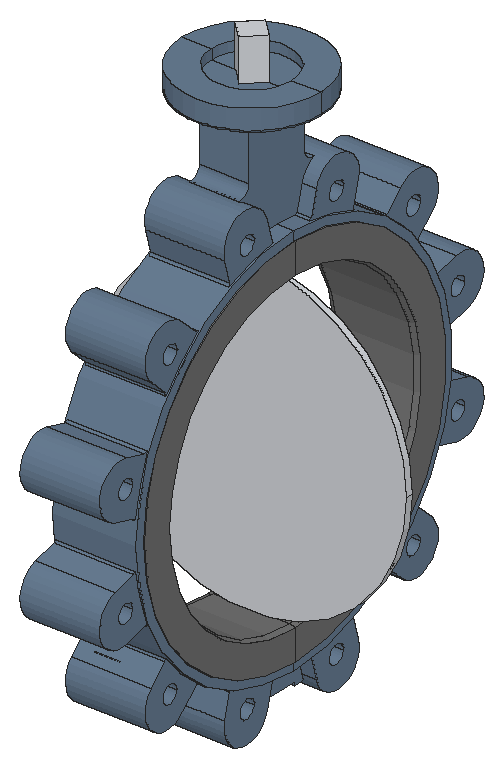
Revit family "Запорно-регулирующая заслонка AF-4219", category Rohrzubehör, Revit 2020
Family settings
  Bemaßung runder Anschluss = Durchmesser verwenden
  Teiletyp = Unterbricht
  OmniClass-Nummer = 23.65.55.14
  OmniClass-Titel = Valves for Liquid Services
  Arbeitsebenenbasiert = Nein
  Immer vertikal = Ja
  Beim Laden mit Abzugskörper schneiden = Nein
  Gemeinsam genutzt = Nein
Parameters
  Шпиндель = "Нержавеющая сталь ASTM-A276 / Type 316"  # constant formula
  Фланцевое соединение = "В соответствии с EN1092-2"  # constant formula
  Уплотнение корпуса = "EPDM в соответствии с ISO 1691"  # constant formula
  Среда = "Качество теплоносителя в соответствии с ÖNORM H5195 и/или предписаниями VDI 2035.\r\nРазрешается использование смеси этилен или пропиленгликоля в соотношении 25-50% с водой."
  Область применения = "Применяются в системах тепло- и холодоснабжения."
  Номер заказа [instance] = size_lookup("4219_AF_", "Artnr", 421911, Nennweite)  # 1421939
  Макс. рабочая температура = 110 °C  # constant formula
  Крутящий момент в Нм [instance] = size_lookup("4219_AF_", "Nm", 20, Nennweite)  # 350
  Корпус = "Чугун GGG, GJS-400-15/JS1030, в соответствии с EN1563"  # constant formula
  Диск = "Нержавеющая сталь 1.4408"  # constant formula
  Вес [instance] = size_lookup("4219_AF_", "Gewicht", 3.8, Nennweite)  # 37.6
  Болты [instance] = if(Nennweite = 50.000 mm, "4x M16x35", if(Nennweite = 65.000 mm, "4x M16x35", if(Nennweite = 80.000 mm, "8x M16x35", if(Nennweite = 100.000 mm, "8x M16x40", if(Nennweite = 125.000 mm, "8x M16x40", if(Nennweite = 150.000 mm, "8x M20x40", if(Nennweite = 200.000 mm, "12x M20x45", if(Nennweite = 250.000 mm, "12x M24x45", "12x M24x45"))))))))  # "12x M24x45"
  Vorgabe-Ansicht = 0.000 mm
  URL = "www.herz-armaturen.ru"
  SCTWSEQ = "FW;SBT_TYP_FW=\"101\";2"
  SCTWCODE = "04;07;02"  # constant formula
  SCRNSEQ = "ARM;ARM_TYP=\"ALLF\";2"
  SCRNCODE = "05;13;02"  # constant formula
  R99 = 1.500 mm  # constant formula
  R02 [instance] = size_lookup("4219_AF_", "R2", 1.000 mm, Nennweite)  # 37.500 mm
  PN [instance] = size_lookup("4219_AF_", "PN", 16, Nennweite)  # 10
  O-Ring = "EPDM в соответствии с ISO 1691"  # constant formula
  Мин. рабочая температура = "-20.00 °C при соответствующей водно-гликолевой смеси"  # constant formula
  L05 [instance] = size_lookup("4219_AF_", "L5", 1.000 mm, Nennweite)  # 22.000 mm
  L04 [instance] = L01 - 3.500 mm  # 35.500 mm
  L03 [instance] = L01 + 1.500 mm  # 40.500 mm
  L02 [instance] = size_lookup("4219_AF_", "L2", 14.500 mm, Nennweite)  # 30.500 mm
  L01 [instance] = size_lookup("4219_AF_", "L1", 21.500 mm, Nennweite)  # 39.000 mm
  R01 [instance] = size_lookup("4219_AF_", "R1", 44.000 mm, Nennweite)  # 65.000 mm
  Nennweite [instance] = 300.000 mm
  Hersteller = "HERZ Armaturen Ges.m.b.H."  # constant formula
  H05 [instance] = size_lookup("4219_AF_", "H5", 1.000 mm, Nennweite) + H03  # 39.000 mm
  H04 [instance] = H01 - H03  # 299.000 mm
  H03 [instance] = size_lookup("4219_AF_", "H3", 1.000 mm, Nennweite)  # 9.000 mm
  H02 [instance] = size_lookup("4219_AF_", "H2", 13.000 mm, Nennweite)  # 20.000 mm
  H01 [instance] = size_lookup("4219_AF_", "H1", 125.000 mm, Nennweite)  # 308.000 mm
  DN80 [instance] = Nennweite = 80.000 mm  # no
  DN65 [instance] = Nennweite = 65.000 mm  # no
  DN50 [instance] = Nennweite = 50.000 mm  # no
  DN300 [instance] = Nennweite = 300.000 mm  # yes
  DN250 [instance] = Nennweite = 250.000 mm  # no
  DN200 [instance] = Nennweite = 200.000 mm  # no
  DN150 [instance] = Nennweite = 150.000 mm  # no
  DN125 [instance] = Nennweite = 125.000 mm  # no
  DN100 [instance] = Nennweite = 100.000 mm  # no
  D06 [instance] = size_lookup("4219_AF_", "D6", 25.300 mm, Nennweite)  # 146.500 mm
  D05 [instance] = size_lookup("4219_AF_", "D5", 24.500 mm, Nennweite)  # 145.000 mm
  D04 [instance] = D05 + 2.000 mm  # 147.000 mm
  D03 [instance] = size_lookup("4219_AF_", "D3", 35.500 mm, Nennweite)  # 167.500 mm
  D02 [instance] = size_lookup("4219_AF_", "D2", 41.000 mm, Nennweite)  # 175.000 mm
  D01 [instance] = size_lookup("4219_AF_", "D1", 47.000 mm, Nennweite)  # 183.000 mm
Reference planes
  plane 1 "Mitte (Vorne/hinten)": y = 0
  plane 2: z = 0
  plane 3 "Mitte (Links/rechts)": x = 0
Forms (mm)
  Revolve 1, solid, material "Herz-Metall-blau", detail levels fine
    sketch origin (0, 0, 0) x (1, 0, 0) y (0, 0, 1)
      loop
        line (-30.5, 175) -> (-30.5, 167.5) -> (30.5, 167.5) -> (30.5, 175) -> (39, 175) -> (39, 183) -> (-39, 183) -> (-39, 175) -> (-30.5, 175)
      axis (-39, 0) -> (39, 0)
    angle from 0 to 360
  Revolve 2, solid, material "Herz-Metall-blau", detail levels fine
    sketch origin (0, 0, 0) x (1, 0, 0) y (0, 0, 1)
      loop
        line (-65, 308) -> (-65, 289.463)
        arc (-65, 289.463) -> (-64.673, 288.527) -> (-63.833, 288) r 1.5
        line (-63.833, 288) -> (0, 288) -> (0, 299) -> (-37.5, 299) -> (-37.5, 308) -> (-65, 308)
      axis (0, 308) -> (0, 288)
    angle from 0 to 360
  Extrusion 3, solid, material "Herz-Metall-blau", visible <- "DN50", detail levels fine
    sketch origin (0, 0, 0) x (0, 1, 0) y (0, 0, 1)
      loop
        line (56.215, -32.173) -> (43.95, -19.909)
        arc (43.95, -19.909) -> (43.387, -18.793) -> (43.596, -17.56) r 2
        arc (43.596, -17.56) -> (33.234, -33.234) -> (17.56, -43.596) r 47
        arc (17.56, -43.596) -> (18.793, -43.387) -> (19.909, -43.95) r 2
        line (19.909, -43.95) -> (32.173, -56.215)
        arc (32.173, -56.215) -> (56.215, -56.215) -> (56.215, -32.173) r 17
      loop
        arc (-56.215, -32.173) -> (-56.215, -56.215) -> (-32.173, -56.215) r 17
        line (-32.173, -56.215) -> (-19.909, -43.95)
        arc (-19.909, -43.95) -> (-18.793, -43.387) -> (-17.56, -43.596) r 2
        arc (-17.56, -43.596) -> (-33.234, -33.234) -> (-43.596, -17.56) r 47
        arc (-43.596, -17.56) -> (-43.387, -18.793) -> (-43.95, -19.909) r 2
        line (-43.95, -19.909) -> (-56.215, -32.173)
      loop
        arc (56.215, 32.173) -> (56.215, 56.215) -> (32.173, 56.215) r 17
        line (32.173, 56.215) -> (19.909, 43.95)
        arc (19.909, 43.95) -> (18.793, 43.387) -> (17.56, 43.596) r 2
        arc (17.56, 43.596) -> (33.234, 33.234) -> (43.596, 17.56) r 47
        arc (43.596, 17.56) -> (43.387, 18.793) -> (43.95, 19.909) r 2
        line (43.95, 19.909) -> (56.215, 32.173)
      loop
        line (-56.215, 32.173) -> (-43.95, 19.909)
        arc (-43.95, 19.909) -> (-43.387, 18.793) -> (-43.596, 17.56) r 2
        arc (-43.596, 17.56) -> (-33.234, 33.234) -> (-17.56, 43.596) r 47
        arc (-17.56, 43.596) -> (-18.793, 43.387) -> (-19.909, 43.95) r 2
        line (-19.909, 43.95) -> (-32.173, 56.215)
        arc (-32.173, 56.215) -> (-56.215, 56.215) -> (-56.215, 32.173) r 17
      loop
        circle (-44.194, 44.194) r 6.92
      loop
        circle (44.194, 44.194) r 6.92
      loop
        circle (44.194, -44.194) r 6.92
      loop
        circle (-44.194, -44.194) r 6.92
    from -19.5 to 19.5
  Extrusion 4, solid, material "Herz-Metall-blau", visible <- "DN50", detail levels fine
    sketch origin (0, 0, 0) x (0, 1, 0) y (0, 0, 1)
      loop
        line (20, 74.845) -> (20, 112) -> (-20, 112) -> (-20, 74.845)
        arc (-20, 74.845) -> (-26.046, 62.811) -> (-39.31, 60.477) r 15
        arc (-39.31, 60.477) -> (-35.477, 58.789) -> (-32.173, 56.215) r 17
        line (-32.173, 56.215) -> (-19.909, 43.95)
        arc (-19.909, 43.95) -> (-18.793, 43.387) -> (-17.56, 43.596) r 2
        arc (-17.56, 43.596) -> (0, 47) -> (17.56, 43.596) r 47
        arc (17.56, 43.596) -> (18.793, 43.387) -> (19.909, 43.95) r 2
        line (19.909, 43.95) -> (32.173, 56.215)
        arc (32.173, 56.215) -> (35.477, 58.789) -> (39.31, 60.477) r 17
        arc (39.31, 60.477) -> (26.046, 62.811) -> (20, 74.845) r 15
    from -15 to 15
  Extrusion 5, solid, material "Herz-Metall-blau", visible <- "DN50"
    sketch origin (0, 0, 0) x (0, 1, 0) y (0, 0, 1)
      loop
        arc (33.834, -58) -> (34.246, -58.062) -> (34.622, -58.243) r 1.4
        arc (34.622, -58.243) -> (33.35, -57.286) -> (32.173, -56.215) r 17
        line (32.173, -56.215) -> (19.909, -43.95)
        arc (19.909, -43.95) -> (18.793, -43.387) -> (17.56, -43.596) r 2
        arc (17.56, -43.596) -> (0, -47) -> (-17.56, -43.596) r 47
        arc (-17.56, -43.596) -> (-18.793, -43.387) -> (-19.909, -43.95) r 2
        line (-19.909, -43.95) -> (-32.173, -56.215)
        arc (-32.173, -56.215) -> (-33.35, -57.286) -> (-34.622, -58.243) r 17
        arc (-34.622, -58.243) -> (-34.246, -58.062) -> (-33.834, -58) r 1.4
        line (-33.834, -58) -> (-16.963, -58)
        arc (-16.963, -58) -> (-15.575, -58.575) -> (-15, -59.963) r 1.963
        line (-15, -59.963) -> (-15, -61) -> (15, -61) -> (15, -59.963)
        arc (15, -59.963) -> (15.575, -58.575) -> (16.963, -58) r 1.963
        line (16.963, -58) -> (33.834, -58)
    from -15 to 15
  Revolve 6, solid, material "Gummi", detail levels fine
    sketch origin (-134.5, 0, 0) x (1, 0, 0) y (0, 0, 1)
      loop
        line (94, 175) -> (94, 147) -> (99, 145) -> (170, 145) -> (175, 147) -> (175, 175) -> (165, 175) -> (165, 167.5) -> (104, 167.5) -> (104, 175) -> (94, 175)
      axis (94, 0) -> (175, 0)
    angle from 0 to 360
  Extrusion 7, solid, detail levels fine
    sketch origin (0, 0, 0) x (1, 0, 0) y (0, 0, 1)
      loop
        circle (0, 0) r 146.5
    from -2.5 to 2.5
  Extrusion 8, solid, material "Herz-Metall-blau", visible <- "DN65", detail levels fine
    sketch origin (0, -300, 0) x (0, 1, 0) y (0, 0, 1)
      loop
        circle (351.265, 51.265) r 6.92
      loop
        arc (363.286, 39.244) -> (363.286, 63.286) -> (339.244, 63.286) r 17
        line (339.244, 63.286) -> (328.595, 52.636)
        arc (328.595, 52.636) -> (327.499, 52.076) -> (326.282, 52.264) r 2
        arc (326.282, 52.264) -> (341.366, 41.366) -> (352.264, 26.282) r 58.501
        arc (352.264, 26.282) -> (352.087, 27.51) -> (352.656, 28.614) r 2.038
        line (352.656, 28.614) -> (363.286, 39.244)
      loop
        circle (351.265, -51.265) r 6.92
      loop
        line (363.286, -39.244) -> (352.656, -28.614)
        arc (352.656, -28.614) -> (352.087, -27.51) -> (352.264, -26.282) r 2.038
        arc (352.264, -26.282) -> (341.366, -41.366) -> (326.282, -52.264) r 58.501
        arc (326.282, -52.264) -> (327.499, -52.076) -> (328.595, -52.636) r 2
        line (328.595, -52.636) -> (339.244, -63.286)
        arc (339.244, -63.286) -> (363.286, -63.286) -> (363.286, -39.244) r 17
      loop
        circle (248.735, 51.265) r 6.92
      loop
        line (236.714, 39.244) -> (247.344, 28.614)
        arc (247.344, 28.614) -> (247.913, 27.51) -> (247.736, 26.282) r 2.038
        arc (247.736, 26.282) -> (258.634, 41.366) -> (273.718, 52.264) r 58.501
        arc (273.718, 52.264) -> (272.501, 52.076) -> (271.405, 52.636) r 2
        line (271.405, 52.636) -> (260.756, 63.286)
        arc (260.756, 63.286) -> (236.714, 63.286) -> (236.714, 39.244) r 17
      loop
        circle (248.735, -51.265) r 6.92
      loop
        arc (236.714, -39.244) -> (236.714, -63.286) -> (260.756, -63.286) r 17
        line (260.756, -63.286) -> (271.405, -52.636)
        arc (271.405, -52.636) -> (272.501, -52.076) -> (273.718, -52.264) r 2
        arc (273.718, -52.264) -> (258.634, -41.366) -> (247.736, -26.282) r 58.501
        arc (247.736, -26.282) -> (247.913, -27.51) -> (247.344, -28.614) r 2.038
        line (247.344, -28.614) -> (236.714, -39.244)
    from -21 to 21
  Extrusion 9, solid, material "Herz-Metall-blau", visible <- "DN65", detail levels fine
    sketch origin (0, -300, 0) x (0, 1, 0) y (0, 0, 1)
      loop
        line (278, 136.5) -> (278, 78.286)
        arc (278, 78.286) -> (272.889, 69.099) -> (263, 65.53) r 14.984
        line (263, 65.53) -> (257.982, 65.53)
        arc (257.982, 65.53) -> (259.428, 64.481) -> (260.756, 63.286) r 17
        line (260.756, 63.286) -> (271.405, 52.636)
        arc (271.405, 52.636) -> (272.501, 52.076) -> (273.718, 52.264) r 2
        arc (273.718, 52.264) -> (300, 58.5) -> (326.282, 52.264) r 58.5
        arc (326.282, 52.264) -> (327.499, 52.076) -> (328.595, 52.636) r 2
        line (328.595, 52.636) -> (339.244, 63.286)
        arc (339.244, 63.286) -> (340.572, 64.481) -> (342.018, 65.53) r 17
        line (342.018, 65.53) -> (337, 65.53)
        arc (337, 65.53) -> (327.111, 69.099) -> (322, 78.286) r 14.984
        line (322, 78.286) -> (322, 136.5) -> (278, 136.5)
      loop
        arc (260.756, -63.286) -> (259.428, -64.481) -> (257.982, -65.53) r 17
        line (257.982, -65.53) -> (280.029, -65.53)
        arc (280.029, -65.53) -> (281.423, -66.108) -> (282, -67.501) r 1.971
        line (282, -67.501) -> (282, -74) -> (318, -74) -> (318, -67.527)
        arc (318, -67.527) -> (318.585, -66.115) -> (319.997, -65.53) r 1.997
        line (319.997, -65.53) -> (342.018, -65.53)
        arc (342.018, -65.53) -> (340.572, -64.481) -> (339.244, -63.286) r 17
        line (339.244, -63.286) -> (328.595, -52.636)
        arc (328.595, -52.636) -> (327.499, -52.076) -> (326.282, -52.264) r 2
        arc (326.282, -52.264) -> (300, -58.5) -> (273.718, -52.264) r 58.5
        arc (273.718, -52.264) -> (272.501, -52.076) -> (271.405, -52.636) r 2
        line (271.405, -52.636) -> (260.756, -63.286)
    from -18 to 18
  Extrusion 10, solid, material "Herz-Metall-blau", visible <- "DN80", detail levels fine
    sketch origin (0, -300, 0) x (0, 1, 0) y (0, 0, 1)
      loop
        circle (269.385, 73.91) r 6.92
      loop
        arc (285.091, 80.416) -> (262.88, 89.616) -> (253.679, 67.405) r 17
        line (253.679, 67.405) -> (259.513, 53.322)
        arc (259.513, 53.322) -> (259.602, 52.073) -> (258.924, 51.02) r 1.982
        arc (258.924, 51.02) -> (274.934, 60.514) -> (292.968, 65.121) r 65.5
        arc (292.968, 65.121) -> (291.745, 65.388) -> (290.924, 66.335) r 1.984
        line (290.924, 66.335) -> (285.091, 80.416)
      loop
        circle (226.09, 30.615) r 6.92
      loop
        line (219.584, 14.909) -> (233.665, 9.076)
        arc (233.665, 9.076) -> (234.612, 8.255) -> (234.879, 7.032) r 1.984
        arc (234.879, 7.032) -> (239.486, 25.066) -> (248.98, 41.076) r 65.5
        arc (248.98, 41.076) -> (247.927, 40.398) -> (246.678, 40.487) r 1.982
        line (246.678, 40.487) -> (232.595, 46.321)
        arc (232.595, 46.321) -> (210.384, 37.12) -> (219.584, 14.909) r 17
      loop
        circle (269.385, -73.91) r 6.92
      loop
        line (285.091, -80.416) -> (290.924, -66.335)
        arc (290.924, -66.335) -> (291.745, -65.388) -> (292.968, -65.121) r 1.984
        arc (292.968, -65.121) -> (274.934, -60.514) -> (258.924, -51.02) r 65.5
        arc (258.924, -51.02) -> (259.602, -52.073) -> (259.513, -53.322) r 1.982
        line (259.513, -53.322) -> (253.679, -67.405)
        arc (253.679, -67.405) -> (262.88, -89.616) -> (285.091, -80.416) r 17
      loop
        circle (226.09, -30.615) r 6.92
      loop
        arc (219.584, -14.909) -> (210.384, -37.12) -> (232.595, -46.321) r 17
        line (232.595, -46.321) -> (246.678, -40.487)
        arc (246.678, -40.487) -> (247.927, -40.398) -> (248.98, -41.076) r 1.982
        arc (248.98, -41.076) -> (239.486, -25.066) -> (234.879, -7.032) r 65.5
        arc (234.879, -7.032) -> (234.612, -8.255) -> (233.665, -9.076) r 1.984
        line (233.665, -9.076) -> (219.584, -14.909)
      loop
        circle (330.615, 73.91) r 6.92
      loop
        line (314.909, 80.416) -> (309.076, 66.335)
        arc (309.076, 66.335) -> (308.255, 65.388) -> (307.032, 65.121) r 1.984
        arc (307.032, 65.121) -> (325.066, 60.514) -> (341.076, 51.02) r 65.5
        arc (341.076, 51.02) -> (340.398, 52.073) -> (340.487, 53.322) r 1.982
        line (340.487, 53.322) -> (346.321, 67.405)
        arc (346.321, 67.405) -> (337.12, 89.616) -> (314.909, 80.416) r 17
      loop
        circle (373.91, 30.615) r 6.92
      loop
        arc (380.416, 14.909) -> (389.616, 37.12) -> (367.405, 46.321) r 17
        line (367.405, 46.321) -> (353.322, 40.487)
        arc (353.322, 40.487) -> (352.073, 40.398) -> (351.02, 41.076) r 1.982
        arc (351.02, 41.076) -> (360.514, 25.066) -> (365.121, 7.032) r 65.5
        arc (365.121, 7.032) -> (365.388, 8.255) -> (366.335, 9.076) r 1.984
        line (366.335, 9.076) -> (380.416, 14.909)
      loop
        circle (330.615, -73.91) r 6.92
      loop
        arc (314.909, -80.416) -> (337.12, -89.616) -> (346.321, -67.405) r 17
        line (346.321, -67.405) -> (340.487, -53.322)
        arc (340.487, -53.322) -> (340.398, -52.073) -> (341.076, -51.02) r 1.982
        arc (341.076, -51.02) -> (325.066, -60.514) -> (307.032, -65.121) r 65.5
        arc (307.032, -65.121) -> (308.255, -65.388) -> (309.076, -66.335) r 1.984
        line (309.076, -66.335) -> (314.909, -80.416)
      loop
        circle (373.91, -30.615) r 6.92
      loop
        line (380.416, -14.909) -> (366.335, -9.076)
        arc (366.335, -9.076) -> (365.388, -8.255) -> (365.121, -7.032) r 1.984
        arc (365.121, -7.032) -> (360.514, -25.066) -> (351.02, -41.076) r 65.5
        arc (351.02, -41.076) -> (352.073, -40.398) -> (353.322, -40.487) r 1.982
        line (353.322, -40.487) -> (367.405, -46.321)
        arc (367.405, -46.321) -> (389.616, -37.12) -> (380.416, -14.909) r 17
    from -21 to 21
  Extrusion 11, solid, material "Herz-Metall-blau", visible <- "DN80", detail levels fine
    sketch origin (0, -300, 0) x (0, 1, 0) y (0, 0, 1)
      loop
        line (278, 143.5) -> (278, 100.814)
        arc (278, 100.814) -> (275.545, 94.251) -> (269.385, 90.91) r 10
        arc (269.385, 90.91) -> (278.83, 88.045) -> (285.091, 80.416) r 17
        line (285.091, 80.416) -> (290.924, 66.335)
        arc (290.924, 66.335) -> (291.744, 65.388) -> (292.968, 65.121) r 1.984
        arc (292.968, 65.121) -> (300, 65.497) -> (307.032, 65.121) r 66.05
        arc (307.032, 65.121) -> (308.256, 65.388) -> (309.076, 66.335) r 1.984
        line (309.076, 66.335) -> (314.909, 80.416)
        arc (314.909, 80.416) -> (321.17, 88.045) -> (330.615, 90.91) r 17
        arc (330.615, 90.91) -> (324.455, 94.251) -> (322, 100.814) r 10
        line (322, 100.814) -> (322, 143.5) -> (278, 143.5)
      loop
        line (285.091, -80.416) -> (286.5, -80.946) -> (313.5, -80.946) -> (314.89, -80.371) -> (309.076, -66.335)
        arc (309.076, -66.335) -> (308.256, -65.388) -> (307.032, -65.121) r 1.984
        arc (307.032, -65.121) -> (300, -65.497) -> (292.968, -65.121) r 66.05
        arc (292.968, -65.121) -> (291.744, -65.388) -> (290.924, -66.335) r 1.984
        line (290.924, -66.335) -> (285.091, -80.416)
    from -18.5 to 18.5
  Extrusion 12, solid, material "Herz-Metall-blau", visible <- "DN100", detail levels fine
    sketch origin (0, -300, 0) x (0, 1, 0) y (0, 0, 1)
      loop
        circle (265.558, 83.149) r 6.92
      loop
        arc (281.264, 89.655) -> (259.053, 98.855) -> (249.853, 76.644) r 17
        line (249.853, 76.644) -> (255.731, 62.451)
        arc (255.731, 62.451) -> (255.813, 61.14) -> (255.074, 60.055) r 2.025
        arc (255.074, 60.055) -> (271.3, 69.291) -> (289.305, 74.233) r 75
        arc (289.305, 74.233) -> (288.012, 74.478) -> (287.142, 75.464) r 2.027
        line (287.142, 75.464) -> (281.264, 89.655)
      loop
        circle (216.851, 34.442) r 6.92
      loop
        line (210.345, 18.736) -> (224.536, 12.858)
        arc (224.536, 12.858) -> (225.522, 11.988) -> (225.767, 10.695) r 2.027
        arc (225.767, 10.695) -> (230.709, 28.7) -> (239.945, 44.926) r 75
        arc (239.945, 44.926) -> (238.86, 44.187) -> (237.549, 44.269) r 2.025
        line (237.549, 44.269) -> (223.356, 50.147)
        arc (223.356, 50.147) -> (201.145, 40.947) -> (210.345, 18.736) r 17
      loop
        circle (265.558, -83.149) r 6.92
      loop
        line (281.264, -89.655) -> (287.142, -75.464)
        arc (287.142, -75.464) -> (288.012, -74.478) -> (289.305, -74.233) r 2.027
        arc (289.305, -74.233) -> (271.3, -69.291) -> (255.074, -60.055) r 75
        arc (255.074, -60.055) -> (255.813, -61.14) -> (255.731, -62.451) r 2.025
        line (255.731, -62.451) -> (249.853, -76.644)
        arc (249.853, -76.644) -> (259.053, -98.855) -> (281.264, -89.655) r 17
      loop
        circle (216.851, -34.442) r 6.92
      loop
        arc (210.345, -18.736) -> (201.145, -40.947) -> (223.356, -50.147) r 17
        line (223.356, -50.147) -> (237.549, -44.269)
        arc (237.549, -44.269) -> (238.86, -44.187) -> (239.945, -44.926) r 2.025
        arc (239.945, -44.926) -> (230.709, -28.7) -> (225.767, -10.695) r 75
        arc (225.767, -10.695) -> (225.522, -11.988) -> (224.536, -12.858) r 2.027
        line (224.536, -12.858) -> (210.345, -18.736)
      loop
        circle (334.442, 83.149) r 6.92
      loop
        line (318.736, 89.655) -> (312.858, 75.464)
        arc (312.858, 75.464) -> (311.988, 74.478) -> (310.695, 74.233) r 2.027
        arc (310.695, 74.233) -> (328.7, 69.291) -> (344.926, 60.055) r 75
        arc (344.926, 60.055) -> (344.187, 61.14) -> (344.269, 62.451) r 2.025
        line (344.269, 62.451) -> (350.147, 76.644)
        arc (350.147, 76.644) -> (340.947, 98.855) -> (318.736, 89.655) r 17
      loop
        circle (383.149, 34.442) r 6.92
      loop
        arc (389.655, 18.736) -> (398.855, 40.947) -> (376.644, 50.147) r 17
        line (376.644, 50.147) -> (362.451, 44.269)
        arc (362.451, 44.269) -> (361.14, 44.187) -> (360.055, 44.926) r 2.025
        arc (360.055, 44.926) -> (369.291, 28.7) -> (374.233, 10.695) r 75
        arc (374.233, 10.695) -> (374.478, 11.988) -> (375.464, 12.858) r 2.027
        line (375.464, 12.858) -> (389.655, 18.736)
      loop
        circle (334.442, -83.149) r 6.92
      loop
        arc (318.736, -89.655) -> (340.947, -98.855) -> (350.147, -76.644) r 17
        line (350.147, -76.644) -> (344.269, -62.451)
        arc (344.269, -62.451) -> (344.187, -61.14) -> (344.926, -60.055) r 2.025
        arc (344.926, -60.055) -> (328.7, -69.291) -> (310.695, -74.233) r 75
        arc (310.695, -74.233) -> (311.988, -74.478) -> (312.858, -75.464) r 2.027
        line (312.858, -75.464) -> (318.736, -89.655)
      loop
        circle (383.149, -34.442) r 6.92
      loop
        line (389.655, -18.736) -> (375.464, -12.858)
        arc (375.464, -12.858) -> (374.478, -11.988) -> (374.233, -10.695) r 2.027
        arc (374.233, -10.695) -> (369.291, -28.7) -> (360.055, -44.926) r 75
        arc (360.055, -44.926) -> (361.14, -44.187) -> (362.451, -44.269) r 2.025
        line (362.451, -44.269) -> (376.644, -50.147)
        arc (376.644, -50.147) -> (398.855, -40.947) -> (389.655, -18.736) r 17
    from -24 to 24
  Extrusion 13, solid, material "Herz-Metall-blau", visible <- "DN100", detail levels fine
    sketch origin (0, -300, 0) x (0, 1, 0) y (0, 0, 1)
      loop
        line (274, 167) -> (274, 114.47)
        arc (274, 114.47) -> (270.644, 105.014) -> (262.078, 99.789) r 15
        arc (262.078, 99.789) -> (273.498, 98.181) -> (281.264, 89.655) r 17
        line (281.264, 89.655) -> (287.142, 75.464)
        arc (287.142, 75.464) -> (288.012, 74.478) -> (289.305, 74.233) r 2.027
        arc (289.305, 74.233) -> (300, 75) -> (310.695, 74.233) r 75
        arc (310.695, 74.233) -> (311.988, 74.478) -> (312.858, 75.464) r 2.027
        line (312.858, 75.464) -> (318.736, 89.655)
        arc (318.736, 89.655) -> (326.502, 98.181) -> (337.922, 99.789) r 17
        arc (337.922, 99.789) -> (329.356, 105.014) -> (326, 114.47) r 15
        line (326, 114.47) -> (326, 167) -> (274, 167)
      loop
        line (286.5, -93) -> (313.5, -93) -> (313.5, -96) -> (323.312, -96)
        arc (323.312, -96) -> (320.654, -93.094) -> (318.736, -89.655) r 17
        line (318.736, -89.655) -> (312.858, -75.464)
        arc (312.858, -75.464) -> (311.988, -74.478) -> (310.695, -74.233) r 2.027
        arc (310.695, -74.233) -> (300, -75) -> (289.305, -74.233) r 75
        arc (289.305, -74.233) -> (288.012, -74.478) -> (287.142, -75.464) r 2.027
        line (287.142, -75.464) -> (281.264, -89.655)
        arc (281.264, -89.655) -> (279.346, -93.094) -> (276.688, -96) r 17
        line (276.688, -96) -> (286.5, -96) -> (286.5, -93)
    from -18 to 18
  Extrusion 14, solid, material "Herz-Metall-blau", visible <- "DN125", detail levels fine
    sketch origin (0, -300, 0) x (0, 1, 0) y (0, 0, 1)
      loop
        circle (259.818, 97.007) r 6.92
      loop
        arc (275.524, 103.513) -> (253.313, 112.713) -> (244.112, 90.502) r 17
        line (244.112, 90.502) -> (249.217, 78.179)
        arc (249.217, 78.179) -> (249.286, 76.825) -> (248.485, 75.731) r 2.023
        arc (248.485, 75.731) -> (264.902, 84.594) -> (282.772, 89.957) r 91.852
        arc (282.772, 89.957) -> (281.505, 90.18) -> (280.649, 91.141) r 1.958
        line (280.649, 91.141) -> (275.524, 103.513)
      loop
        circle (202.993, 40.182) r 6.92
      loop
        line (196.487, 24.476) -> (208.859, 19.351)
        arc (208.859, 19.351) -> (209.82, 18.495) -> (210.043, 17.228) r 1.958
        arc (210.043, 17.228) -> (215.406, 35.098) -> (224.269, 51.515) r 91.852
        arc (224.269, 51.515) -> (223.175, 50.714) -> (221.821, 50.783) r 2.023
        line (221.821, 50.783) -> (209.498, 55.888)
        arc (209.498, 55.888) -> (187.287, 46.687) -> (196.487, 24.476) r 17
      loop
        circle (259.818, -97.007) r 6.92
      loop
        line (275.524, -103.513) -> (280.649, -91.141)
        arc (280.649, -91.141) -> (281.505, -90.18) -> (282.772, -89.957) r 1.958
        arc (282.772, -89.957) -> (264.902, -84.594) -> (248.485, -75.731) r 91.852
        arc (248.485, -75.731) -> (249.286, -76.825) -> (249.217, -78.179) r 2.023
        line (249.217, -78.179) -> (244.112, -90.502)
        arc (244.112, -90.502) -> (253.313, -112.713) -> (275.524, -103.513) r 17
      loop
        circle (202.993, -40.182) r 6.92
      loop
        arc (196.487, -24.476) -> (187.287, -46.687) -> (209.498, -55.888) r 17
        line (209.498, -55.888) -> (221.821, -50.783)
        arc (221.821, -50.783) -> (223.175, -50.714) -> (224.269, -51.515) r 2.023
        arc (224.269, -51.515) -> (215.406, -35.098) -> (210.043, -17.228) r 91.852
        arc (210.043, -17.228) -> (209.82, -18.495) -> (208.859, -19.351) r 1.958
        line (208.859, -19.351) -> (196.487, -24.476)
      loop
        circle (340.182, 97.007) r 6.92
      loop
        line (324.476, 103.513) -> (319.351, 91.141)
        arc (319.351, 91.141) -> (318.495, 90.18) -> (317.228, 89.957) r 1.958
        arc (317.228, 89.957) -> (335.098, 84.594) -> (351.515, 75.731) r 91.852
        arc (351.515, 75.731) -> (350.714, 76.825) -> (350.783, 78.179) r 2.023
        line (350.783, 78.179) -> (355.888, 90.502)
        arc (355.888, 90.502) -> (346.687, 112.713) -> (324.476, 103.513) r 17
      loop
        circle (397.007, 40.182) r 6.92
      loop
        arc (403.513, 24.476) -> (412.713, 46.687) -> (390.502, 55.888) r 17
        line (390.502, 55.888) -> (378.179, 50.783)
        arc (378.179, 50.783) -> (376.825, 50.714) -> (375.731, 51.515) r 2.023
        arc (375.731, 51.515) -> (384.594, 35.098) -> (389.957, 17.228) r 91.852
        arc (389.957, 17.228) -> (390.18, 18.495) -> (391.141, 19.351) r 1.958
        line (391.141, 19.351) -> (403.513, 24.476)
      loop
        circle (340.182, -97.007) r 6.92
      loop
        arc (324.476, -103.513) -> (346.687, -112.713) -> (355.888, -90.502) r 17
        line (355.888, -90.502) -> (350.783, -78.179)
        arc (350.783, -78.179) -> (350.714, -76.825) -> (351.515, -75.731) r 2.023
        arc (351.515, -75.731) -> (335.098, -84.594) -> (317.228, -89.957) r 91.852
        arc (317.228, -89.957) -> (318.495, -90.18) -> (319.351, -91.141) r 1.958
        line (319.351, -91.141) -> (324.476, -103.513)
      loop
        circle (397.007, -40.182) r 6.92
      loop
        line (403.513, -24.476) -> (391.141, -19.351)
        arc (391.141, -19.351) -> (390.18, -18.495) -> (389.957, -17.228) r 1.958
        arc (389.957, -17.228) -> (384.594, -35.098) -> (375.731, -51.515) r 91.852
        arc (375.731, -51.515) -> (376.825, -50.714) -> (378.179, -50.783) r 2.023
        line (378.179, -50.783) -> (390.502, -55.888)
        arc (390.502, -55.888) -> (412.713, -46.687) -> (403.513, -24.476) r 17
    from -26 to 26
  Extrusion 15, solid, material "Herz-Metall-blau", visible <- "DN125", detail levels fine
    sketch origin (0, -300, 0) x (0, 1, 0) y (0, 0, 1)
      loop
        line (273.999, 186) -> (273.95, 123.689)
        arc (273.95, 123.689) -> (270.458, 116.096) -> (262.42, 113.807) r 10
        arc (262.42, 113.807) -> (270.32, 110.376) -> (275.524, 103.513) r 17
        line (275.524, 103.513) -> (280.649, 91.141)
        arc (280.649, 91.141) -> (281.528, 90.167) -> (282.825, 89.967) r 1.958
        arc (282.825, 89.967) -> (299.999, 91.589) -> (317.173, 89.967) r 91.7
        arc (317.173, 89.967) -> (318.469, 90.167) -> (319.348, 91.141) r 1.958
        line (319.348, 91.141) -> (324.473, 103.513)
        arc (324.473, 103.513) -> (329.677, 110.376) -> (337.577, 113.807) r 17
        arc (337.577, 113.807) -> (329.539, 116.096) -> (325.999, 123.689) r 10
        line (325.999, 123.689) -> (325.999, 186) -> (273.999, 186)
      loop
        line (286.499, -110.51) -> (313.499, -110.51) -> (313.499, -113.51) -> (336.099, -113.51)
        arc (336.099, -113.51) -> (329.095, -109.897) -> (324.473, -103.513) r 17
        line (324.473, -103.513) -> (319.348, -91.141)
        arc (319.348, -91.141) -> (318.469, -90.167) -> (317.173, -89.967) r 1.958
        arc (317.173, -89.967) -> (299.999, -91.589) -> (282.825, -89.967) r 91.7
        arc (282.825, -89.967) -> (281.528, -90.167) -> (280.649, -91.141) r 1.958
        line (280.649, -91.141) -> (275.524, -103.513)
        arc (275.524, -103.513) -> (270.902, -109.897) -> (263.898, -113.51) r 17
        line (263.898, -113.51) -> (286.499, -113.51) -> (286.499, -110.51)
    from -18 to 18
  Extrusion 16, solid, material "Herz-Metall-blau", visible <- "DN150", detail levels fine
    sketch origin (0, -300, 0) x (0, 1, 0) y (0, 0, 1)
      loop
        circle (254.078, 110.866) r 8.645
      loop
        arc (273.479, 118.902) -> (246.042, 130.267) -> (234.677, 102.829) r 21
        line (234.677, 102.829) -> (241.591, 86.136)
        arc (241.591, 86.136) -> (241.664, 84.82) -> (240.899, 83.746) r 1.993
        arc (240.899, 83.746) -> (260.776, 94.698) -> (282.575, 101.008) r 102.504
        arc (282.575, 101.008) -> (281.263, 101.248) -> (280.379, 102.246) r 2.042
        line (280.379, 102.246) -> (273.479, 118.902)
      loop
        circle (189.134, 45.922) r 8.645
      loop
        line (181.098, 26.521) -> (197.754, 19.621)
        arc (197.754, 19.621) -> (198.752, 18.737) -> (198.992, 17.425) r 2.042
        arc (198.992, 17.425) -> (205.302, 39.224) -> (216.254, 59.101) r 102.504
        arc (216.254, 59.101) -> (215.18, 58.336) -> (213.864, 58.409) r 1.993
        line (213.864, 58.409) -> (197.171, 65.323)
        arc (197.171, 65.323) -> (169.733, 53.958) -> (181.098, 26.521) r 21
      loop
        circle (254.078, -110.866) r 8.645
      loop
        line (273.479, -118.902) -> (280.379, -102.246)
        arc (280.379, -102.246) -> (281.263, -101.248) -> (282.575, -101.008) r 2.042
        arc (282.575, -101.008) -> (260.776, -94.698) -> (240.899, -83.746) r 102.504
        arc (240.899, -83.746) -> (241.664, -84.82) -> (241.591, -86.136) r 1.993
        line (241.591, -86.136) -> (234.677, -102.829)
        arc (234.677, -102.829) -> (246.042, -130.267) -> (273.479, -118.902) r 21
      loop
        circle (189.134, -45.922) r 8.645
      loop
        arc (181.098, -26.521) -> (169.733, -53.958) -> (197.171, -65.323) r 21
        line (197.171, -65.323) -> (213.864, -58.409)
        arc (213.864, -58.409) -> (215.18, -58.336) -> (216.254, -59.101) r 1.993
        arc (216.254, -59.101) -> (205.302, -39.224) -> (198.992, -17.425) r 102.504
        arc (198.992, -17.425) -> (198.752, -18.737) -> (197.754, -19.621) r 2.042
        line (197.754, -19.621) -> (181.098, -26.521)
      loop
        circle (345.922, 110.866) r 8.645
      loop
        line (326.521, 118.902) -> (319.621, 102.246)
        arc (319.621, 102.246) -> (318.737, 101.248) -> (317.425, 101.008) r 2.042
        arc (317.425, 101.008) -> (339.224, 94.698) -> (359.101, 83.746) r 102.504
        arc (359.101, 83.746) -> (358.336, 84.82) -> (358.409, 86.136) r 1.993
        line (358.409, 86.136) -> (365.323, 102.829)
        arc (365.323, 102.829) -> (353.958, 130.267) -> (326.521, 118.902) r 21
      loop
        circle (410.866, 45.922) r 8.645
      loop
        arc (418.902, 26.521) -> (430.267, 53.958) -> (402.829, 65.323) r 21
        line (402.829, 65.323) -> (386.136, 58.409)
        arc (386.136, 58.409) -> (384.82, 58.336) -> (383.746, 59.101) r 1.993
        arc (383.746, 59.101) -> (394.698, 39.224) -> (401.008, 17.425) r 102.504
        arc (401.008, 17.425) -> (401.248, 18.737) -> (402.246, 19.621) r 2.042
        line (402.246, 19.621) -> (418.902, 26.521)
      loop
        circle (345.922, -110.866) r 8.645
      loop
        arc (326.521, -118.902) -> (353.958, -130.267) -> (365.323, -102.829) r 21
        line (365.323, -102.829) -> (358.409, -86.136)
        arc (358.409, -86.136) -> (358.336, -84.82) -> (359.101, -83.746) r 1.993
        arc (359.101, -83.746) -> (339.224, -94.698) -> (317.425, -101.008) r 102.504
        arc (317.425, -101.008) -> (318.737, -101.248) -> (319.621, -102.246) r 2.042
        line (319.621, -102.246) -> (326.521, -118.902)
      loop
        circle (410.866, -45.922) r 8.645
      loop
        line (418.902, -26.521) -> (402.246, -19.621)
        arc (402.246, -19.621) -> (401.248, -18.737) -> (401.008, -17.425) r 2.042
        arc (401.008, -17.425) -> (394.698, -39.224) -> (383.746, -59.101) r 102.504
        arc (383.746, -59.101) -> (384.82, -58.336) -> (386.136, -58.409) r 1.993
        line (386.136, -58.409) -> (402.829, -65.323)
        arc (402.829, -65.323) -> (430.267, -53.958) -> (418.902, -26.521) r 21
    from -26 to 26
  Extrusion 17, solid, material "Herz-Metall-blau", visible <- "DN150", detail levels fine
    sketch origin (0, -300, 0) x (0, 1, 0) y (0, 0, 1)
      loop
        line (274, 199) -> (274, 135)
        arc (274, 135) -> (272.527, 129.776) -> (268.541, 126.091) r 10
        arc (268.541, 126.091) -> (271.388, 122.755) -> (273.479, 118.902) r 21
        line (273.479, 118.902) -> (280.379, 102.246)
        arc (280.379, 102.246) -> (281.28, 101.239) -> (282.612, 101.014) r 2.042
        arc (282.612, 101.014) -> (300, 102.5) -> (317.388, 101.014) r 102.5
        arc (317.388, 101.014) -> (318.72, 101.239) -> (319.621, 102.246) r 2.042
        line (319.621, 102.246) -> (326.521, 118.902)
        arc (326.521, 118.902) -> (328.612, 122.755) -> (331.459, 126.091) r 21
        arc (331.459, 126.091) -> (327.473, 129.776) -> (326, 135) r 10
        line (326, 135) -> (326, 199) -> (274, 199)
      loop
        line (286.5, -122.5) -> (313.5, -122.5) -> (313.5, -125.5) -> (330.861, -125.5)
        arc (330.861, -125.5) -> (328.378, -122.407) -> (326.521, -118.902) r 21
        line (326.521, -118.902) -> (319.621, -102.246)
        arc (319.621, -102.246) -> (318.72, -101.239) -> (317.388, -101.014) r 2.042
        arc (317.388, -101.014) -> (300, -102.5) -> (282.612, -101.014) r 102.5
        arc (282.612, -101.014) -> (281.28, -101.239) -> (280.379, -102.246) r 2.042
        line (280.379, -102.246) -> (273.479, -118.902)
        arc (273.479, -118.902) -> (271.622, -122.407) -> (269.139, -125.5) r 21
        line (269.139, -125.5) -> (286.5, -125.5) -> (286.5, -122.5)
    from -18 to 18
  Extrusion 18, solid, material "Herz-Metall-blau", visible <- "DN200", detail levels fine
    sketch origin (0, -400, 0) x (0, 1, 0) y (0, 0, 1)
      loop
        circle (361.824, 142.474) r 8.645
      loop
        arc (382.109, 147.909) -> (356.389, 162.759) -> (341.54, 137.039) r 21
        line (341.54, 137.039) -> (345.801, 121.136)
        arc (345.801, 121.136) -> (345.679, 119.74) -> (344.688, 118.75) r 2.048
        arc (344.688, 118.75) -> (366.062, 126.527) -> (388.459, 130.491) r 131
        arc (388.459, 130.491) -> (387.159, 130.838) -> (386.388, 131.939) r 1.965
        line (386.388, 131.939) -> (382.109, 147.909)
      loop
        circle (257.526, 38.176) r 8.645
      loop
        line (252.091, 17.891) -> (268.061, 13.612)
        arc (268.061, 13.612) -> (269.162, 12.841) -> (269.509, 11.541) r 1.965
        arc (269.509, 11.541) -> (273.473, 33.938) -> (281.25, 55.312) r 131
        arc (281.25, 55.312) -> (280.26, 54.321) -> (278.864, 54.199) r 2.048
        line (278.864, 54.199) -> (262.961, 58.46)
        arc (262.961, 58.46) -> (237.241, 43.611) -> (252.091, 17.891) r 21
      loop
        circle (295.702, 104.298) r 8.645
      loop
        line (280.853, 89.449) -> (292.543, 77.758)
        arc (292.543, 77.758) -> (293.111, 76.539) -> (292.762, 75.24) r 1.965
        arc (292.762, 75.24) -> (307.393, 92.655) -> (324.816, 107.277) r 131
        arc (324.816, 107.277) -> (323.463, 106.914) -> (322.193, 107.506) r 2.048
        line (322.193, 107.506) -> (310.551, 119.147)
        arc (310.551, 119.147) -> (280.853, 119.147) -> (280.853, 89.449) r 21
      loop
        circle (361.824, -142.474) r 8.645
      loop
        line (382.109, -147.909) -> (386.388, -131.939)
        arc (386.388, -131.939) -> (387.159, -130.838) -> (388.459, -130.491) r 1.965
        arc (388.459, -130.491) -> (366.062, -126.527) -> (344.688, -118.75) r 131
        arc (344.688, -118.75) -> (345.679, -119.74) -> (345.801, -121.136) r 2.048
        line (345.801, -121.136) -> (341.54, -137.039)
        arc (341.54, -137.039) -> (356.389, -162.759) -> (382.109, -147.909) r 21
      loop
        circle (257.526, -38.176) r 8.645
      loop
        arc (252.091, -17.891) -> (237.241, -43.611) -> (262.961, -58.46) r 21
        line (262.961, -58.46) -> (278.864, -54.199)
        arc (278.864, -54.199) -> (280.26, -54.321) -> (281.25, -55.312) r 2.048
        arc (281.25, -55.312) -> (273.473, -33.938) -> (269.509, -11.541) r 131
        arc (269.509, -11.541) -> (269.162, -12.841) -> (268.061, -13.612) r 1.965
        line (268.061, -13.612) -> (252.091, -17.891)
      loop
        circle (295.702, -104.298) r 8.645
      loop
        arc (280.853, -89.449) -> (280.853, -119.147) -> (310.551, -119.147) r 21
        line (310.551, -119.147) -> (322.193, -107.506)
        arc (322.193, -107.506) -> (323.463, -106.914) -> (324.816, -107.277) r 2.048
        arc (324.816, -107.277) -> (307.393, -92.655) -> (292.762, -75.24) r 131
        arc (292.762, -75.24) -> (293.111, -76.539) -> (292.543, -77.758) r 1.965
        line (292.543, -77.758) -> (280.853, -89.449)
      loop
        circle (438.176, 142.474) r 8.645
      loop
        line (417.891, 147.909) -> (413.612, 131.939)
        arc (413.612, 131.939) -> (412.841, 130.838) -> (411.541, 130.491) r 1.965
        arc (411.541, 130.491) -> (433.938, 126.527) -> (455.312, 118.75) r 131
        arc (455.312, 118.75) -> (454.321, 119.74) -> (454.199, 121.136) r 2.048
        line (454.199, 121.136) -> (458.46, 137.039)
        arc (458.46, 137.039) -> (443.611, 162.759) -> (417.891, 147.909) r 21
      loop
        circle (542.474, 38.176) r 8.645
      loop
        arc (547.909, 17.891) -> (562.759, 43.611) -> (537.039, 58.46) r 21
        line (537.039, 58.46) -> (521.136, 54.199)
        arc (521.136, 54.199) -> (519.74, 54.321) -> (518.75, 55.312) r 2.048
        arc (518.75, 55.312) -> (526.527, 33.938) -> (530.491, 11.541) r 131
        arc (530.491, 11.541) -> (530.838, 12.841) -> (531.939, 13.612) r 1.965
        line (531.939, 13.612) -> (547.909, 17.891)
      loop
        circle (504.298, 104.298) r 8.645
      loop
        arc (519.147, 89.449) -> (519.147, 119.147) -> (489.449, 119.147) r 21
        line (489.449, 119.147) -> (477.807, 107.506)
        arc (477.807, 107.506) -> (476.537, 106.914) -> (475.184, 107.277) r 2.048
        arc (475.184, 107.277) -> (492.607, 92.655) -> (507.238, 75.24) r 131
        arc (507.238, 75.24) -> (506.889, 76.539) -> (507.457, 77.758) r 1.965
        line (507.457, 77.758) -> (519.147, 89.449)
      loop
        circle (438.176, -142.474) r 8.645
      loop
        arc (417.891, -147.909) -> (443.611, -162.759) -> (458.46, -137.039) r 21
        line (458.46, -137.039) -> (454.199, -121.136)
        arc (454.199, -121.136) -> (454.321, -119.74) -> (455.312, -118.75) r 2.048
        arc (455.312, -118.75) -> (433.938, -126.527) -> (411.541, -130.491) r 131
        arc (411.541, -130.491) -> (412.841, -130.838) -> (413.612, -131.939) r 1.965
        line (413.612, -131.939) -> (417.891, -147.909)
      loop
        circle (542.474, -38.176) r 8.645
      loop
        line (547.909, -17.891) -> (531.939, -13.612)
        arc (531.939, -13.612) -> (530.838, -12.841) -> (530.491, -11.541) r 1.965
        arc (530.491, -11.541) -> (526.527, -33.938) -> (518.75, -55.312) r 131
        arc (518.75, -55.312) -> (519.74, -54.321) -> (521.136, -54.199) r 2.048
        line (521.136, -54.199) -> (537.039, -58.46)
        arc (537.039, -58.46) -> (562.759, -43.611) -> (547.909, -17.891) r 21
      loop
        circle (504.298, -104.298) r 8.645
      loop
        line (519.147, -89.449) -> (507.457, -77.758)
        arc (507.457, -77.758) -> (506.889, -76.539) -> (507.238, -75.24) r 1.965
        arc (507.238, -75.24) -> (492.607, -92.655) -> (475.184, -107.277) r 131
        arc (475.184, -107.277) -> (476.537, -106.914) -> (477.807, -107.506) r 2.048
        line (477.807, -107.506) -> (489.449, -119.147)
        arc (489.449, -119.147) -> (519.147, -119.147) -> (519.147, -89.449) r 21
    from -28 to 28
  Extrusion 19, solid, material "Herz-Metall-blau", visible <- "DN200", detail levels fine
    sketch origin (0, -400, 0) x (0, 1, 0) y (0, 0, 1)
      loop
        arc (411.541, 130.491) -> (412.841, 130.838) -> (413.612, 131.939) r 1.965
        line (413.612, 131.939) -> (417.891, 147.909)
        arc (417.891, 147.909) -> (422.597, 156.556) -> (430.727, 162.108) r 21
        arc (430.727, 162.108) -> (428.869, 162.334) -> (428, 163.99) r 2.013
        line (428, 163.99) -> (428, 230) -> (372, 230) -> (372, 163.99)
        arc (372, 163.99) -> (371.131, 162.334) -> (369.273, 162.108) r 2.013
        arc (369.273, 162.108) -> (377.403, 156.556) -> (382.109, 147.909) r 21
        line (382.109, 147.909) -> (386.388, 131.939)
        arc (386.388, 131.939) -> (387.159, 130.838) -> (388.459, 130.491) r 1.965
        arc (388.459, 130.491) -> (400, 131) -> (411.541, 130.491) r 131
      loop
        arc (411.541, -130.491) -> (400, -131) -> (388.459, -130.491) r 131
        arc (388.459, -130.491) -> (387.159, -130.838) -> (386.388, -131.939) r 1.965
        line (386.388, -131.939) -> (382.109, -147.909)
        arc (382.109, -147.909) -> (381.328, -150.259) -> (380.276, -152.5) r 21
        line (380.276, -152.5) -> (419.724, -152.5)
        arc (419.724, -152.5) -> (418.672, -150.259) -> (417.891, -147.909) r 21
        line (417.891, -147.909) -> (413.612, -131.939)
        arc (413.612, -131.939) -> (412.841, -130.838) -> (411.541, -130.491) r 1.965
    from -20 to 20
  Extrusion 20, solid, material "Herz-Metall-blau", visible <- "DN250", detail levels fine
    sketch origin (0, -500, 0) x (0, 1, 0) y (0, 0, 1)
      loop
        circle (454.707, 169.037) r 8.645
      loop
        arc (478.208, 177.922) -> (447.589, 195.6) -> (429.911, 164.981) r 25
        line (429.911, 164.981) -> (435.025, 145.897)
        arc (435.025, 145.897) -> (434.902, 144.5) -> (433.907, 143.512) r 2.044
        arc (433.907, 143.512) -> (458.94, 152.587) -> (485.142, 157.329) r 158
        arc (485.142, 157.329) -> (483.991, 157.793) -> (483.322, 158.837) r 2.043
        line (483.322, 158.837) -> (478.208, 177.922)
      loop
        circle (376.468, 123.866) r 8.645
      loop
        line (357.022, 107.956) -> (370.994, 93.984)
        arc (370.994, 93.984) -> (371.563, 92.882) -> (371.39, 91.654) r 2.043
        arc (371.39, 91.654) -> (388.597, 111.974) -> (408.973, 129.116) r 158
        arc (408.973, 129.116) -> (407.62, 128.749) -> (406.348, 129.34) r 2.044
        line (406.348, 129.34) -> (392.378, 143.311)
        arc (392.378, 143.311) -> (357.022, 143.311) -> (357.022, 107.956) r 25
      loop
        circle (331.268, 45.598) r 8.645
      loop
        line (322.382, 22.097) -> (341.468, 16.983)
        arc (341.468, 16.983) -> (342.512, 16.313) -> (342.976, 15.163) r 2.043
        arc (342.976, 15.163) -> (347.718, 41.365) -> (356.793, 66.398) r 158
        arc (356.793, 66.398) -> (355.804, 65.403) -> (354.408, 65.28) r 2.044
        line (354.408, 65.28) -> (335.323, 70.393)
        arc (335.323, 70.393) -> (304.705, 52.716) -> (322.382, 22.097) r 25
      loop
        circle (454.707, -169.037) r 8.645
      loop
        line (478.208, -177.922) -> (483.322, -158.837)
        arc (483.322, -158.837) -> (483.991, -157.793) -> (485.142, -157.329) r 2.043
        arc (485.142, -157.329) -> (458.94, -152.587) -> (433.907, -143.512) r 158
        arc (433.907, -143.512) -> (434.902, -144.5) -> (435.025, -145.897) r 2.044
        line (435.025, -145.897) -> (429.911, -164.981)
        arc (429.911, -164.981) -> (447.589, -195.6) -> (478.208, -177.922) r 25
      loop
        circle (376.468, -123.866) r 8.645
      loop
        arc (357.022, -107.956) -> (357.022, -143.311) -> (392.378, -143.311) r 25
        line (392.378, -143.311) -> (406.348, -129.34)
        arc (406.348, -129.34) -> (407.62, -128.749) -> (408.973, -129.116) r 2.044
        arc (408.973, -129.116) -> (388.597, -111.974) -> (371.39, -91.654) r 158
        arc (371.39, -91.654) -> (371.563, -92.882) -> (370.994, -93.984) r 2.043
        line (370.994, -93.984) -> (357.022, -107.956)
      loop
        circle (331.268, -45.598) r 8.645
      loop
        arc (322.382, -22.097) -> (304.705, -52.716) -> (335.323, -70.393) r 25
        line (335.323, -70.393) -> (354.408, -65.28)
        arc (354.408, -65.28) -> (355.804, -65.403) -> (356.793, -66.398) r 2.044
        arc (356.793, -66.398) -> (347.718, -41.365) -> (342.976, -15.163) r 158
        arc (342.976, -15.163) -> (342.512, -16.313) -> (341.468, -16.983) r 2.043
        line (341.468, -16.983) -> (322.382, -22.097)
      loop
        circle (545.128, 169.037) r 8.645
      loop
        line (521.626, 177.922) -> (516.513, 158.837)
        arc (516.513, 158.837) -> (515.843, 157.793) -> (514.693, 157.329) r 2.043
        arc (514.693, 157.329) -> (540.894, 152.587) -> (565.927, 143.512) r 158
        arc (565.927, 143.512) -> (564.933, 144.5) -> (564.809, 145.897) r 2.044
        line (564.809, 145.897) -> (569.923, 164.981)
        arc (569.923, 164.981) -> (552.245, 195.6) -> (521.626, 177.922) r 25
      loop
        circle (623.367, 123.866) r 8.645
      loop
        arc (642.812, 107.956) -> (642.812, 143.311) -> (607.457, 143.311) r 25
        line (607.457, 143.311) -> (593.486, 129.34)
        arc (593.486, 129.34) -> (592.215, 128.749) -> (590.862, 129.116) r 2.044
        arc (590.862, 129.116) -> (611.237, 111.974) -> (628.444, 91.654) r 158
        arc (628.444, 91.654) -> (628.271, 92.882) -> (628.841, 93.984) r 2.043
        line (628.841, 93.984) -> (642.812, 107.956)
      loop
        circle (668.567, 45.598) r 8.645
      loop
        arc (677.452, 22.097) -> (695.13, 52.716) -> (664.511, 70.393) r 25
        line (664.511, 70.393) -> (645.426, 65.28)
        arc (645.426, 65.28) -> (644.03, 65.403) -> (643.042, 66.398) r 2.044
        arc (643.042, 66.398) -> (652.116, 41.365) -> (656.858, 15.163) r 158
        arc (656.858, 15.163) -> (657.323, 16.313) -> (658.367, 16.983) r 2.043
        line (658.367, 16.983) -> (677.452, 22.097)
      loop
        circle (545.128, -169.037) r 8.645
      loop
        arc (521.626, -177.922) -> (552.245, -195.6) -> (569.923, -164.981) r 25
        line (569.923, -164.981) -> (564.809, -145.897)
        arc (564.809, -145.897) -> (564.933, -144.5) -> (565.927, -143.512) r 2.044
        arc (565.927, -143.512) -> (540.894, -152.587) -> (514.693, -157.329) r 158
        arc (514.693, -157.329) -> (515.843, -157.793) -> (516.513, -158.837) r 2.043
        line (516.513, -158.837) -> (521.626, -177.922)
      loop
        circle (623.367, -123.866) r 8.645
      loop
        line (642.812, -107.956) -> (628.841, -93.984)
        arc (628.841, -93.984) -> (628.271, -92.882) -> (628.444, -91.654) r 2.043
        arc (628.444, -91.654) -> (611.237, -111.974) -> (590.862, -129.116) r 158
        arc (590.862, -129.116) -> (592.215, -128.749) -> (593.486, -129.34) r 2.044
        line (593.486, -129.34) -> (607.457, -143.311)
        arc (607.457, -143.311) -> (642.812, -143.311) -> (642.812, -107.956) r 25
      loop
        circle (668.567, -45.598) r 8.645
      loop
        line (677.452, -22.097) -> (658.367, -16.983)
        arc (658.367, -16.983) -> (657.323, -16.313) -> (656.858, -15.163) r 2.043
        arc (656.858, -15.163) -> (652.116, -41.365) -> (643.042, -66.398) r 158
        arc (643.042, -66.398) -> (644.03, -65.403) -> (645.426, -65.28) r 2.044
        line (645.426, -65.28) -> (664.511, -70.393)
        arc (664.511, -70.393) -> (695.13, -52.716) -> (677.452, -22.097) r 25
    from -32 to 32
  Extrusion 21, solid, material "Herz-Metall-blau", visible <- "DN250", detail levels fine
    sketch origin (0, -500, 0) x (0, 1, 0) y (0, 0, 1)
      loop
        line (467.917, 263) -> (467.917, 195.639)
        arc (467.917, 195.639) -> (466.995, 193.978) -> (465.097, 193.884) r 1.957
        arc (465.097, 193.884) -> (473.378, 187.32) -> (478.208, 177.922) r 25
        line (478.208, 177.922) -> (483.33, 158.808)
        arc (483.33, 158.808) -> (483.997, 157.776) -> (485.142, 157.329) r 2
        arc (485.142, 157.329) -> (499.917, 158.021) -> (514.693, 157.329) r 158
        arc (514.693, 157.329) -> (515.837, 157.776) -> (516.505, 158.808) r 2
        line (516.505, 158.808) -> (521.626, 177.922)
        arc (521.626, 177.922) -> (526.456, 187.32) -> (534.737, 193.884) r 25
        arc (534.737, 193.884) -> (532.84, 193.978) -> (531.917, 195.639) r 1.957
        line (531.917, 195.639) -> (531.917, 263) -> (467.917, 263)
      loop
        line (478.917, -192.479) -> (520.917, -192.479) -> (520.917, -195.479) -> (538.868, -195.479)
        arc (538.868, -195.479) -> (527.938, -188.969) -> (521.626, -177.922) r 25
        line (521.626, -177.922) -> (516.505, -158.808)
        arc (516.505, -158.808) -> (515.837, -157.776) -> (514.693, -157.329) r 2
        arc (514.693, -157.329) -> (499.917, -158.021) -> (485.142, -157.329) r 158
        arc (485.142, -157.329) -> (483.997, -157.776) -> (483.33, -158.808) r 2
        line (483.33, -158.808) -> (478.208, -177.922)
        arc (478.208, -177.922) -> (471.897, -188.969) -> (460.966, -195.479) r 25
        line (460.966, -195.479) -> (478.917, -195.479) -> (478.917, -192.479)
    from -23 to 23
  Extrusion 22, solid, material "Herz-Metall-blau", visible <- "DN300", detail levels fine
    sketch origin (0, -600, 0) x (0, 1, 0) y (0, 0, 1)
      loop
        circle (548.236, 193.185) r 8.645
      loop
        arc (571.09, 204.485) -> (540.472, 222.163) -> (522.794, 191.544) r 25
        line (522.794, 191.544) -> (528.48, 170.323)
        arc (528.48, 170.323) -> (528.348, 168.926) -> (527.336, 167.955) r 2.013
        arc (527.336, 167.955) -> (552.476, 176.732) -> (578.624, 181.768) r 183
        arc (578.624, 181.768) -> (577.466, 182.19) -> (576.788, 183.22) r 1.96
        line (576.788, 183.22) -> (571.09, 204.485)
      loop
        circle (458.579, 141.421) r 8.645
      loop
        line (437.365, 127.279) -> (452.933, 111.712)
        arc (452.933, 111.712) -> (453.486, 110.61) -> (453.272, 109.396) r 1.96
        arc (453.272, 109.396) -> (470.707, 129.523) -> (490.879, 146.906) r 183
        arc (490.879, 146.906) -> (489.531, 146.515) -> (488.256, 147.1) r 2.013
        line (488.256, 147.1) -> (472.721, 162.635)
        arc (472.721, 162.635) -> (437.365, 162.635) -> (437.365, 127.279) r 25
      loop
        circle (406.815, 51.764) r 8.645
      loop
        line (395.515, 28.91) -> (416.78, 23.212)
        arc (416.78, 23.212) -> (417.81, 22.534) -> (418.232, 21.376) r 1.96
        arc (418.232, 21.376) -> (423.268, 47.524) -> (432.045, 72.664) r 183
        arc (432.045, 72.664) -> (431.074, 71.652) -> (429.677, 71.52) r 2.013
        line (429.677, 71.52) -> (408.456, 77.206)
        arc (408.456, 77.206) -> (377.837, 59.528) -> (395.515, 28.91) r 25
      loop
        circle (548.236, -193.185) r 8.645
      loop
        line (571.09, -204.485) -> (576.788, -183.22)
        arc (576.788, -183.22) -> (577.466, -182.19) -> (578.624, -181.768) r 1.96
        arc (578.624, -181.768) -> (552.476, -176.732) -> (527.336, -167.955) r 183
        arc (527.336, -167.955) -> (528.348, -168.926) -> (528.48, -170.323) r 2.013
        line (528.48, -170.323) -> (522.794, -191.544)
        arc (522.794, -191.544) -> (540.472, -222.163) -> (571.09, -204.485) r 25
      loop
        circle (458.579, -141.421) r 8.645
      loop
        arc (437.365, -127.279) -> (437.365, -162.635) -> (472.721, -162.635) r 25
        line (472.721, -162.635) -> (488.256, -147.1)
        arc (488.256, -147.1) -> (489.531, -146.515) -> (490.879, -146.906) r 2.013
        arc (490.879, -146.906) -> (470.707, -129.523) -> (453.272, -109.396) r 183
        arc (453.272, -109.396) -> (453.486, -110.61) -> (452.933, -111.712) r 1.96
        line (452.933, -111.712) -> (437.365, -127.279)
      loop
        circle (406.815, -51.764) r 8.645
      loop
        arc (395.515, -28.91) -> (377.837, -59.528) -> (408.456, -77.206) r 25
        line (408.456, -77.206) -> (429.677, -71.52)
        arc (429.677, -71.52) -> (431.074, -71.652) -> (432.045, -72.664) r 2.013
        arc (432.045, -72.664) -> (423.268, -47.524) -> (418.232, -21.376) r 183
        arc (418.232, -21.376) -> (417.81, -22.534) -> (416.78, -23.212) r 1.96
        line (416.78, -23.212) -> (395.515, -28.91)
      loop
        circle (651.764, 193.185) r 8.645
      loop
        line (628.91, 204.485) -> (623.212, 183.22)
        arc (623.212, 183.22) -> (622.534, 182.19) -> (621.376, 181.768) r 1.96
        arc (621.376, 181.768) -> (647.524, 176.732) -> (672.664, 167.955) r 183
        arc (672.664, 167.955) -> (671.652, 168.926) -> (671.52, 170.323) r 2.013
        line (671.52, 170.323) -> (677.206, 191.544)
        arc (677.206, 191.544) -> (659.528, 222.163) -> (628.91, 204.485) r 25
      loop
        circle (741.421, 141.421) r 8.645
      loop
        arc (762.635, 127.279) -> (762.635, 162.635) -> (727.279, 162.635) r 25
        line (727.279, 162.635) -> (711.744, 147.1)
        arc (711.744, 147.1) -> (710.469, 146.515) -> (709.121, 146.906) r 2.013
        arc (709.121, 146.906) -> (729.293, 129.523) -> (746.728, 109.396) r 183
        arc (746.728, 109.396) -> (746.514, 110.61) -> (747.067, 111.712) r 1.96
        line (747.067, 111.712) -> (762.635, 127.279)
      loop
        circle (793.185, 51.764) r 8.645
      loop
        arc (804.485, 28.91) -> (822.163, 59.528) -> (791.544, 77.206) r 25
        line (791.544, 77.206) -> (770.323, 71.52)
        arc (770.323, 71.52) -> (768.926, 71.652) -> (767.955, 72.664) r 2.013
        arc (767.955, 72.664) -> (776.732, 47.524) -> (781.768, 21.376) r 183
        arc (781.768, 21.376) -> (782.19, 22.534) -> (783.22, 23.212) r 1.96
        line (783.22, 23.212) -> (804.485, 28.91)
      loop
        circle (651.764, -193.185) r 8.645
      loop
        arc (628.91, -204.485) -> (659.528, -222.163) -> (677.206, -191.544) r 25
        line (677.206, -191.544) -> (671.52, -170.323)
        arc (671.52, -170.323) -> (671.652, -168.926) -> (672.664, -167.955) r 2.013
        arc (672.664, -167.955) -> (647.524, -176.732) -> (621.376, -181.768) r 183
        arc (621.376, -181.768) -> (622.534, -182.19) -> (623.212, -183.22) r 1.96
        line (623.212, -183.22) -> (628.91, -204.485)
      loop
        circle (741.421, -141.421) r 8.645
      loop
        line (762.635, -127.279) -> (747.067, -111.712)
        arc (747.067, -111.712) -> (746.514, -110.61) -> (746.728, -109.396) r 1.96
        arc (746.728, -109.396) -> (729.293, -129.523) -> (709.121, -146.906) r 183
        arc (709.121, -146.906) -> (710.469, -146.515) -> (711.744, -147.1) r 2.013
        line (711.744, -147.1) -> (727.279, -162.635)
        arc (727.279, -162.635) -> (762.635, -162.635) -> (762.635, -127.279) r 25
      loop
        circle (793.185, -51.764) r 8.645
      loop
        line (804.485, -28.91) -> (783.22, -23.212)
        arc (783.22, -23.212) -> (782.19, -22.534) -> (781.768, -21.376) r 1.96
        arc (781.768, -21.376) -> (776.732, -47.524) -> (767.955, -72.664) r 183
        arc (767.955, -72.664) -> (768.926, -71.652) -> (770.323, -71.52) r 2.013
        line (770.323, -71.52) -> (791.544, -77.206)
        arc (791.544, -77.206) -> (822.163, -59.528) -> (804.485, -28.91) r 25
    from -37 to 37
  Extrusion 23, solid, material "Herz-Metall-blau", visible <- "DN300", detail levels fine
    sketch origin (0, -600, 0) x (0, 1, 0) y (0, 0, 1)
      loop
        line (568, 288) -> (568, 231)
        arc (568, 231) -> (564.523, 223.42) -> (556.509, 221.112) r 10
        arc (556.509, 221.112) -> (565.738, 214.498) -> (571.09, 204.485) r 25
        line (571.09, 204.485) -> (576.788, 183.22)
        arc (576.788, 183.22) -> (577.483, 182.176) -> (578.668, 181.767) r 1.96
        arc (578.668, 181.767) -> (600, 183.015) -> (621.332, 181.767) r 183.015
        arc (621.332, 181.767) -> (622.517, 182.176) -> (623.212, 183.22) r 1.96
        line (623.212, 183.22) -> (628.91, 204.485)
        arc (628.91, 204.485) -> (634.262, 214.498) -> (643.491, 221.112) r 25
        arc (643.491, 221.112) -> (635.477, 223.42) -> (632, 231) r 10
        line (632, 231) -> (632, 288) -> (568, 288)
      loop
        arc (571.09, -204.485) -> (570.056, -207.54) -> (568.638, -210.436) r 25
        line (568.638, -210.436) -> (579, -210.436) -> (579, -207.436) -> (621, -207.436) -> (621, -210.436) -> (631.362, -210.436)
        arc (631.362, -210.436) -> (629.944, -207.54) -> (628.91, -204.485) r 25
        line (628.91, -204.485) -> (623.212, -183.22)
        arc (623.212, -183.22) -> (622.517, -182.176) -> (621.332, -181.767) r 1.96
        arc (621.332, -181.767) -> (600, -183.015) -> (578.668, -181.767) r 183.015
        arc (578.668, -181.767) -> (577.483, -182.176) -> (576.788, -183.22) r 1.96
        line (576.788, -183.22) -> (571.09, -204.485)
    from -23 to 23
  Extrusion 24, solid, detail levels fine
    sketch origin (0, 0, 0) x (1, 0, 0) y (0, 1, 0)
      loop
        line (0, -15.556) -> (15.556, 0) -> (0, 15.556) -> (-15.556, 0) -> (0, -15.556)
    from 299 to 338
Lines and regions (mm)
  model lines, detail levels coarse+medium
    curve 1: line (39, -183, 0) -> (-39, -183, 0)
    curve 2: line (-39, -183, 0) -> (-39, 183, 0)
    curve 3: line (-39, 183, 0) -> (39, 183, 0)
    curve 4: line (39, 183, 0) -> (39, -183, 0)
    curve 5: line (-39, 183, 0) -> (39, -183, 0)
    curve 6: circle (0, 0, 0) r 5 normal (0, 0, 1)
    curve 7: line (-39, 0, 183) -> (-39, 0, -183)
